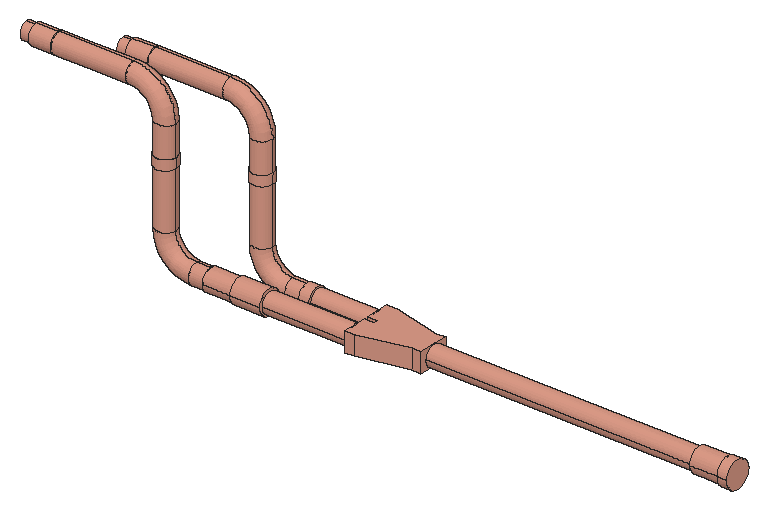
Revit family "outputfile", category 配管付属品, Revit 2024
Family settings
  丸型コネクタ寸法 = 半径を使用
  パーツ タイプ = 標準
  OmniClass 番号 = 23.65.55.00
  OmniClass タイトル = Distribution of Supplied Liquids/Gases
  作業面ベース = いいえ
  常に垂直 = はい
  ロード時にボイドで切り取り = いいえ
  共有 = いいえ
Parameters (values of type "BHFP26MA56")
  Description = ""
  製造元 = "Daikin"
  書き出し IFC クラス(タイプ) = "IfcPipeFittingType"
  Default Elevation = 0.0 mm
  定義済み IFC タイプ(タイプ) = "JUNCTION"
  Cost = 0
  モデル = "BHFP26MA56"
  Type Comments = ""
  Keynote = ""
  Type Image = (empty or 0)
  Assembly Code = ""
  table_PipeToCU_B [instance] = if(mm⇔inch, "Multi Module Kit_BHFP26MA-_Gas_PipeToCU_B", "Multi Module Kit_BHFP26MA-_Gas_PipeToCU_B_inch")  # "Multi Module Kit_BHFP26MA-_Gas_PipeToCU_B"
  table_PipeToCU_A [instance] = if(mm⇔inch, "Multi Module Kit_BHFP26MA-_Gas_PipeToCU_A", "Multi Module Kit_BHFP26MA-_Gas_PipeToCU_A_inch")  # "Multi Module Kit_BHFP26MA-_Gas_PipeToCU_A"
  table_ToMainPipe [instance] = if(mm⇔inch, "Multi Module Kit_BHFP26MA-_Gas_ToMainPipe", "Multi Module Kit_BHFP26MA-_Gas_ToMainPipe_inch")  # "Multi Module Kit_BHFP26MA-_Gas_ToMainPipe"
  switch_PipeToCU_B Reducer [instance] = if(and(Is_PipeToCU_B Reducer = 1, judge_IsOffsetPipe_ToOutdoorUnitB = 0), 1 = 1, 1 = 0)  # yes
  switch_PipeToCU_B4 [instance] = if(number_PipeToCU_B < 4, 1 = 0, 1 = 1)  # no
  switch_PipeToCU_B3 [instance] = if(number_PipeToCU_B < 3, 1 = 0, 1 = 1)  # no
  switch_PipeToCU_B2 [instance] = if(number_PipeToCU_B < 2, 1 = 0, 1 = 1)  # yes
  switch_PipeToCU_A Reducer [instance] = if(Is_PipeToCU_A Reducer = 1, 1 = 1, 1 = 0)  # yes
  switch_ToMainPipe Reducer [instance] = if(Is_ToMainPipe Reducer = 1, 1 = 1, 1 = 0)  # no
  switch_ToMainPipe2 [instance] = if(number_ToMainPipe < 2, 1 = 0, 1 = 1)  # yes
  switch_Offset Reducer(4) [instance] = if(and([judge_JointType(1or2)] = 1, Is_PipeToCU_B Reducer = 1, judge_IsOffsetPipe_ToOutdoorUnitB = 1), 1 = 1, 1 = 0)  # no
  switch_Offset Reducer(3) [instance] = if(and([judge_JointType(1or2)] = 2, Is_PipeToCU_B Reducer = 1, judge_IsOffsetPipe_ToOutdoorUnitB = 1), 1 = 1, 1 = 0)  # no
  r_PipeToCU_B_ActualDiameter [instance] = PipeToCU_B_Gas_ActualDiameter / 2  # 9.55 mm
  r_PipeToCU_A_ActualDiameter [instance] = PipeToCU_A_Gas_ActualDiameter / 2  # 9.55 mm
  r_ToMainPipe_ActualDiameter [instance] = ToMainPipe_Gas_ActualDiameter / 2  # 15.9 mm
  number_PipeToCU_B ReducerPipe [instance] = size_lookup(table_PipeToCU_B, "reducerPipeNumber", 2, モデル, judge_IsOffsetPipe_ToOutdoorUnitB, PipeToCU_B_Gas_ActualDiameter)  # 2
  number_PipeToCU_B [instance] = size_lookup(table_PipeToCU_B, "pipeNumber", 2, モデル, judge_IsOffsetPipe_ToOutdoorUnitB, PipeToCU_B_Gas_ActualDiameter)  # 2
  number_PipeToCU_A ReducerPipe [instance] = size_lookup(table_PipeToCU_A, "reducerPipeNumber", 2, モデル, PipeToCU_A_Gas_ActualDiameter)  # 2
  number_ToMainPipe [instance] = size_lookup(table_ToMainPipe, "pipeNumber", 2, モデル, ToMainPipe_Gas_ActualDiameter)  # 2
  mm⇔inch [instance] = yes
  h_PipeToCU_B Connector [instance] = if(Is_PipeToCU_B Reducer = 1, 200.0 mm, 0.0 mm)  # 200.0 mm
  h_PipeToCU_A Connector [instance] = if(Is_PipeToCU_A Reducer = 1, 200.0 mm, 0.0 mm)  # 200.0 mm
  angle_PipeToCU_B Reducer [instance] = 90.00°  # constant formula
  Unit Type = "BHFP26MA-_Gas"
  Uniclass2015Version = "Products v1.31"
  Uniclass2015Title = "Copper pipe fittings"
  Uniclass2015Code = "Pr_65_52_63_18"
  URL = ""
  ToMainPipe_Gas_Status [instance] = size_lookup(table_ToMainPipe, "Information", "The connected pipe size is not available.", モデル, ToMainPipe_Gas_ActualDiameter)  # "Default connector size is used."
  ToMainPipe_Gas_ActualDiameter [instance] = 31.8 mm
  Tag No. [instance] = ""
  Series = "Multi Module kit"
  PipeToCU_B_Gas_Status [instance] = size_lookup(table_PipeToCU_B, "Information", "The connected pipe size is not available.", モデル, judge_IsOffsetPipe_ToOutdoorUnitB, PipeToCU_B_Gas_ActualDiameter)  # "Reducer is used at connector."
  PipeToCU_B_Gas_ActualDiameter [instance] = 19.1 mm
  PipeToCU_A_Gas_Status [instance] = size_lookup(table_PipeToCU_A, "Information", "The connected pipe size is not available.", モデル, PipeToCU_A_Gas_ActualDiameter)  # "Reducer is used at connector."
  PipeToCU_A_Gas_ActualDiameter [instance] = 19.1 mm
  Material_Piping = DAIKIN_Copper_Pipe
  Material_Insulation = DAIKIN_White_Insulation
  location_PipeToCU_B connector [instance] = size_lookup(table_PipeToCU_B, "Locationconnector", 0.0 mm, モデル, judge_IsOffsetPipe_ToOutdoorUnitB, PipeToCU_B_Gas_ActualDiameter)  # 0.0 mm
  location_PipeToCU_A connector [instance] = size_lookup(table_PipeToCU_A, "Locationconnector", 0.0 mm, モデル, PipeToCU_A_Gas_ActualDiameter)  # 0.0 mm
  l_PipeToCU_B connector [instance] = size_lookup(table_PipeToCU_B, "Length", 414.0 mm, モデル, judge_IsOffsetPipe_ToOutdoorUnitB, PipeToCU_B_Gas_ActualDiameter)  # 414.0 mm
  l_PipeToCU_B Reducer [instance] = 100.0 mm  # constant formula
  l_PipeToCU_B4 [instance] = size_lookup(table_PipeToCU_B, "L_Pipe4", 10.0 mm, モデル)  # 10.0 mm
  l_PipeToCU_B3 [instance] = size_lookup(table_PipeToCU_B, "L_Pipe3", 30.0 mm, モデル)  # 30.0 mm
  l_PipeToCU_B2 [instance] = size_lookup(table_PipeToCU_B, "L_Pipe2", 36.0 mm, モデル)  # 36.0 mm
  l_PipeToCU_B1 [instance] = size_lookup(table_PipeToCU_B, "L_Pipe1", 37.5 mm, モデル)  # 37.5 mm
  l_PipeToCU_B0 [instance] = size_lookup(table_PipeToCU_B, "L_Pipe0", 108.0 mm, モデル)  # 108.0 mm
  l_PipeToCU_A connector [instance] = size_lookup(table_PipeToCU_A, "Length", 320.0 mm, モデル, PipeToCU_A_Gas_ActualDiameter)  # 320.0 mm
  l_PipeToCU_A1 [instance] = size_lookup(table_PipeToCU_A, "L_Pipe1", 13.0 mm, モデル)  # 13.0 mm
  l_PipeToCU_A0 [instance] = size_lookup(table_PipeToCU_A, "L_Pipe0", 75.0 mm, モデル)  # 75.0 mm
  l_ToMainPipe connector [instance] = size_lookup(table_ToMainPipe, "Length", 384.0 mm, モデル, ToMainPipe_Gas_ActualDiameter)  # 384.0 mm
  l_ToMainPipe Reducer [instance] = size_lookup(table_ToMainPipe, "L_Reducer", 2.0 mm, モデル, ToMainPipe_Gas_ActualDiameter)  # 2.0 mm
  l_ToMainPipe2 [instance] = size_lookup(table_ToMainPipe, "L_Pipe2", 12.0 mm, モデル)  # 12.0 mm
  l_ToMainPipe1 [instance] = size_lookup(table_ToMainPipe, "L_Pipe1", 36.0 mm, モデル)  # 36.0 mm
  l_ToMainPipe0 [instance] = size_lookup(table_ToMainPipe, "L_Pipe0", 336.0 mm, モデル)  # 336.0 mm
  judge_IsOffsetPipe_ToOutdoorUnitB [instance] = 0  # constant formula
  judge_JointType(1or2) = 2
  count_PipeToCU_B Reducer [instance] = size_lookup(table_PipeToCU_B, "reducerCount", 1, モデル, judge_IsOffsetPipe_ToOutdoorUnitB, PipeToCU_B_Gas_ActualDiameter)  # 1
  count_PipeToCU_A Reducer [instance] = size_lookup(table_PipeToCU_A, "reducerCount", 1, モデル, PipeToCU_A_Gas_ActualDiameter)  # 1
  angle_PipeToCU_A Reducer [instance] = 90.00°  # constant formula
  angle_PipeToCU_A Connector [instance] = 90.00°  # constant formula
  PipeToCU_B_Gas_AvailableDiameter [instance] = size_lookup(table_PipeToCU_B, "sizeVariation", "", モデル, judge_IsOffsetPipe_ToOutdoorUnitB)  # "19.1/22.2mm"
  PipeToCU_A_Gas_AvailableDiameter [instance] = size_lookup(table_PipeToCU_A, "sizeVariation", "", モデル)  # "19.1/22.2mm"
  ToMainPipe_Gas_AvailableDiameter [instance] = size_lookup(table_ToMainPipe, "sizeVariation", "", モデル)  # "28.6/31.8mm"
  O.D_ToMainPipe Reducer [instance] = size_lookup(table_ToMainPipe, "O.D_reducer", 2.0 mm, モデル, ToMainPipe_Gas_ActualDiameter)  # 2.0 mm
  Link_Nested Family [instance] = ""
  Is_PipeToCU_B Reducer [instance] = size_lookup(table_PipeToCU_B, "IsReducer", 1, モデル, judge_IsOffsetPipe_ToOutdoorUnitB, PipeToCU_B_Gas_ActualDiameter)  # 1
  Is_PipeToCU_A Reducer [instance] = size_lookup(table_PipeToCU_A, "IsReducer", 1, モデル, PipeToCU_A_Gas_ActualDiameter)  # 1
  Is_ToMainPipe Reducer [instance] = size_lookup(table_ToMainPipe, "IsReducer", 0, モデル, ToMainPipe_Gas_ActualDiameter)  # 0
  IfcVersion = ""
  IfcExportType = "JUNCTION"
  IfcExportAs = "IfcPipeFittingType"
  Attach_Insulation [instance] = no
  I.D_PipeToCU_B4 [instance] = size_lookup(table_PipeToCU_B, "I.D_PipeSize4", 19.1 mm, モデル)  # 19.1 mm
  I.D_PipeToCU_B3 [instance] = size_lookup(table_PipeToCU_B, "I.D_PipeSize3", 22.2 mm, モデル)  # 22.2 mm
  I.D_PipeToCU_B2 [instance] = size_lookup(table_PipeToCU_B, "I.D_PipeSize2", 25.4 mm, モデル)  # 25.4 mm
  I.D_PipeToCU_B1 [instance] = size_lookup(table_PipeToCU_B, "I.D_PipeSize1", 28.6 mm, モデル)  # 28.6 mm
  I.D_PipeToCU_B0 [instance] = size_lookup(table_PipeToCU_B, "I.D_PipeSize0", 23.4 mm, モデル)  # 23.4 mm
  I.D_PipeToCU_A1 [instance] = 25.4 mm  # constant formula
  I.D_PipeToCU_A0 [instance] = 22.2 mm  # constant formula
  I.D_ToMainPipe Reducer [instance] = size_lookup(table_ToMainPipe, "I.D_reducer", 2.0 mm, モデル, ToMainPipe_Gas_ActualDiameter)  # 2.0 mm
  I.D_ToMainPipe2 [instance] = size_lookup(table_ToMainPipe, "I.D_PipeSize2", 31.8 mm, モデル)  # 31.8 mm
  I.D_ToMainPipe1 [instance] = size_lookup(table_ToMainPipe, "I.D_PipeSize1", 28.6 mm, モデル)  # 28.6 mm
  I.D_ToMainPipe0 [instance] = size_lookup(table_ToMainPipe, "I.D_PipeSize0", 23.4 mm, モデル)  # 23.4 mm
Reference planes
  plane 1 "Center (Front/Back)": y = 0
  plane 2: z = 0
  plane 3 "Center (Left/Right)": x = 225.65
  plane 4: x = 213.65
  plane 5: x = 177.65
  plane 6: x = -158.35
  plane 7: x = -243.35
  plane 8: x = -331.35
  plane 9: x = -351.35
  plane 10: x = -388.85
  plane 11: x = -424.85
  plane 12: x = -454.85
  plane 13: x = -464.85
  plane 14: y = 17.5
  plane 15: y = -17.491
  plane 16: x = -318.35
  plane 17: x = -108.35
  plane 18 "ToMainPipe_connector": x = 225.65
  plane 19 "connector_OutdoorunitA": x = -243.35
  plane 20 "connectorLocation_TooutdoorUnitB": y = -17.491
  plane 21 "connector_ToOutdoorUnitB": x = -657.35
Forms (mm)
  Extrusion 1, solid, material "DAIKIN_Copper_Pipe" <- "Material_Piping"
    sketch origin (0, 0, 0) x (1, 0, 0) y (0, 1, 0)
      loop
        line (-243.35, 1.998) -> (-231.35, 1.998) -> (-231.35, -1.998) -> (-243.35, -1.998) -> (-243.35, -33.29) -> (-231.35, -33.29) -> (-170.35, -19.109) -> (-158.35, -19.109) -> (-158.35, 18.821) -> (-170.35, 18.821) -> (-231.35, 33.29) -> (-243.35, 33.29) -> (-243.35, 1.998)
    from -12.2 to 12.2
Dimensions and locks
  locked: Extrusion 1 sketch curve to Extrusion 1 sketch curve at 37.93
  locked: Extrusion 1 sketch curve to Extrusion 1 sketch curve at 66.58
  locked: plane 6 to plane 17 at 50
  "l_PipeToCU_A0": plane 16 to plane 7
  "l_PipeToCU_A1": plane 8 to plane 16
  "l_PipeToCU_B0": plane 9 to plane 7
  "l_PipeToCU_B1": plane 10 to plane 9
  "l_PipeToCU_B2": plane 11 to plane 10
  "l_PipeToCU_B3": plane 12 to plane 11
  "l_PipeToCU_B4": plane 13 to plane 12
  locked: plane 7 to plane 6 at 85
  plane 17 to plane 5 = 286.0 mm
  "l_ToMainPipe1": plane 5 to plane 4
  "l_ToMainPipe2": plane 4 to plane 3 "Center (Left/Right)"
  "l_ToMainPipe0": plane 6 to plane 5
  "l_ToMainPipe connector": plane 6 to plane 18 "ToMainPipe_connector"
  "location_PipeToCU_A connector": plane 19 "connector_OutdoorunitA" to plane 7
  "l_PipeToCU_B connector": plane 21 "connector_ToOutdoorUnitB" to plane 7
  "location_PipeToCU_B connector": plane 20 "connectorLocation_TooutdoorUnitB" to plane 15
  plane 14 to plane 1 "Center (Front/Back)" to plane 15 = 17.5 mm locked, 17.491 mm locked
  plane 21 "connector_ToOutdoorUnitB" to plane 18 "ToMainPipe_connector" = 883.0 mm
  aligned and locked: level to plane 2
  aligned and locked: plane 2 to nested 1
  aligned and locked: plane 1 "Center (Front/Back)" to nested 1
  aligned and locked: plane 3 "Center (Left/Right)" to nested 1
  aligned and locked: plane 4 to nested 1
  aligned and locked: plane 4 to nested 2
  aligned and locked: plane 5 to nested 2
  aligned and locked: plane 5 to nested 3
  aligned and locked: plane 6 to nested 3
  aligned and locked: plane 6 to Extrusion 1
  aligned and locked: Extrusion 1 to plane 7  (x2)
  aligned and locked: plane 7 to nested 4
  aligned and locked: plane 8 to nested 5
  aligned and locked: plane 16 to nested 5
  aligned and locked: nested 5 to plane 14
  aligned and locked: nested 6 to plane 15
  aligned and locked: plane 7 to nested 6
  aligned and locked: plane 9 to nested 6
  aligned and locked: plane 10 to nested 7
  aligned and locked: plane 9 to nested 7
  aligned and locked: plane 11 to nested 8
  aligned and locked: plane 10 to nested 8
  aligned and locked: plane 12 to nested 9
  aligned and locked: plane 11 to nested 9
  aligned and locked: plane 13 to nested 10
  aligned and locked: plane 12 to nested 10
  aligned and locked: nested 10 to plane 15
  aligned and locked: nested 9 to plane 15
  aligned and locked: nested 8 to plane 15
  aligned and locked: nested 7 to plane 15
  aligned and locked: plane 1 "Center (Front/Back)" to nested 11
  aligned and locked: plane 17 to nested 11
  aligned and locked: plane 16 to nested 4
  aligned and locked: nested 12 to plane 14
  aligned and locked: plane 8 to nested 12
  aligned and locked: plane 1 "Center (Front/Back)" to nested 13
  aligned and locked: plane 18 "ToMainPipe_connector" to nested 13
  aligned and locked: plane 6 to nested 14
  aligned and locked: plane 1 "Center (Front/Back)" to nested 3
  aligned and locked: plane 14 to nested 15
  aligned and locked: nested 15 to plane 19 "connector_OutdoorunitA"
  aligned and locked: nested 16 to plane 20 "connectorLocation_TooutdoorUnitB"
  aligned and locked: nested 16 to plane 7
  aligned and locked: plane 11 to nested 17
  aligned and locked: nested 16 to plane 15
Automatic sketch dimensions
  Extrusion 1 sketch curve to plane 7 = 0.0 mm  (x2)
  Extrusion 1 sketch curve to plane 6 = 0.0 mm
  Extrusion 1 sketch curve to Extrusion 1 sketch curve = 12.0 mm  (x3)
  Extrusion 1 sketch curve to plane 1 "Center (Front/Back)" = 1.998 mm
  plane 14 to Extrusion 1 sketch curve = 1.321 mm
  Extrusion 1 sketch curve to plane 6 = 12.0 mm  (x2)
  Extrusion 1 sketch curve to plane 15 = 15.799 mm
  plane 1 "Center (Front/Back)" to Extrusion 1 sketch curve = 1.998 mm
Nested families
  nested 1: "daikin_Pipe" at (219.65, 0, 0), I.D_Pipe <- "I.D_ToMainPipe2", display <- "switch_ToMainPipe2", type "*"
    with length_Pipe 12.0 mm, display yes, O.D_Pipe 33.8 mm, I.D_Pipe 31.8 mm
  nested 2: "daikin_Pipe" at (195.65, 0, 0), I.D_Pipe <- "I.D_ToMainPipe1", type "*"
    with length_Pipe 36.0 mm, display yes, O.D_Pipe 30.6 mm, I.D_Pipe 28.6 mm
  nested 3: "daikin_Pipe" at (9.65, 0, 0), I.D_Pipe <- "I.D_ToMainPipe0", type "*"
    with length_Pipe 336.0 mm, display yes, O.D_Pipe 25.4 mm, I.D_Pipe 23.4 mm
  nested 4: "daikin_Pipe" at (-280.85, 17.644, 0), I.D_Pipe <- "I.D_PipeToCU_A0", type "*"
    with length_Pipe 75.0 mm, display yes, O.D_Pipe 24.2 mm, I.D_Pipe 22.2 mm
  nested 5: "daikin_Pipe" at (-324.85, 17.5, 0), I.D_Pipe <- "I.D_PipeToCU_A1", type "*"
    with length_Pipe 13.0 mm, display yes, O.D_Pipe 27.4 mm, I.D_Pipe 25.4 mm
  nested 6: "daikin_Pipe" at (-297.35, -17.491, 0), I.D_Pipe <- "I.D_PipeToCU_B0", type "*"
    with length_Pipe 108.0 mm, display yes, O.D_Pipe 25.4 mm, I.D_Pipe 23.4 mm
  nested 7: "daikin_Pipe" at (-370.1, -17.491, 0), I.D_Pipe <- "I.D_PipeToCU_B1", type "*"
    with length_Pipe 37.5 mm, display yes, O.D_Pipe 30.6 mm, I.D_Pipe 28.6 mm
  nested 8: "daikin_Pipe" at (-406.85, -17.491, 0), I.D_Pipe <- "I.D_PipeToCU_B2", display <- "switch_PipeToCU_B2", type "*"
    with length_Pipe 36.0 mm, display yes, O.D_Pipe 27.4 mm, I.D_Pipe 25.4 mm
  nested 9: "daikin_Pipe" at (-439.85, -17.491, 0), display <- "switch_PipeToCU_B3", I.D_Pipe <- "I.D_PipeToCU_B3", visible <- "switch_PipeToCU_B3", type "*"
    with length_Pipe 30.0 mm, display no, O.D_Pipe 24.2 mm, I.D_Pipe 22.2 mm
  nested 10: "daikin_Pipe" at (-459.85, -17.491, 0), display <- "switch_PipeToCU_B4", I.D_Pipe <- "I.D_PipeToCU_B4", visible <- "switch_PipeToCU_B4", type "*"
    with length_Pipe 10.0 mm, display no, O.D_Pipe 21.1 mm, I.D_Pipe 19.1 mm
  nested 11: "daikin_MultiModeluKit_Insulation" at (-108.35, 0, 0), display <- "Attach_Insulation", type "*"
    with h 54.2 mm, display no, I.D_Outlet PipeSize 22.2 mm
  nested 12: "daikin_Multi Module kit_Reducer90_rotate" at (-331.35, 17.5, 0), number_reducerPipe <- "number_PipeToCU_A ReducerPipe", angle_Pipe <- "angle_PipeToCU_A Reducer", visible <- "switch_PipeToCU_A Reducer", type "PipeToCU_A"
    with number_reducerPipe 2, angle_Pipe 90.00°, I.D_connector 19.1 mm
  nested 13: "daikin_Pipe_reducer" at (224.65, 0, 0), I.D_Pipe1 <- "I.D_ToMainPipe Reducer", O.D_Pipe2 <- "O.D_ToMainPipe Reducer", length_Pipe <- "l_ToMainPipe Reducer", display <- "switch_ToMainPipe Reducer", type "*"
    with length_Pipe 2.0 mm, display no, O.D_Pipe2 2.0 mm, O.D_Pipe1 4.0 mm, I.D_Pipe2 0.0 mm, I.D_Pipe1 2.0 mm
  nested 14: "daikin_connector_rotate3" at (-158.35, 0, 0) x (0, 1, 0) z (0, 0, 1), length <- "l_ToMainPipe connector", type "daikin_connector_rotate3"
    with radius 10.0 mm, length 384.0 mm, angle_vertical 90.00°, angle_horizontal 0.00°
  nested 15: "daikin_connector_rotate3" at (-243.35, 17.5, 200) x (-1, 0, 0) z (0, 0, 1), length <- "l_PipeToCU_A connector", angle_vertical <- "angle_PipeToCU_A Connector", built-in parameter 1001364 <- "h_PipeToCU_A Connector", type "daikin_connector_rotate3"
    with radius 10.0 mm, length 320.0 mm, angle_vertical 90.00°, angle_horizontal 90.00°
  nested 16: "daikin_connector_rotate3" at (-243.35, -17.491, 200) x (0, -1, 0) z (0, 0, 1), length <- "l_PipeToCU_B connector", built-in parameter 1001364 <- "h_PipeToCU_B Connector", type "daikin_connector_rotate3"
    with radius 10.0 mm, length 414.0 mm, angle_vertical 90.00°, angle_horizontal 0.00°
  nested 17: "daikin_Multi Module kit_Reducer90_rotate" at (-424.85, -17.491, 0), number_reducerPipe <- "number_PipeToCU_B ReducerPipe", angle_Pipe <- "angle_PipeToCU_B Reducer", visible <- "switch_PipeToCU_B Reducer", type "PipeToCU_B"
    with number_reducerPipe 2, angle_Pipe 90.00°, I.D_connector 34.9 mm, l_Pipe0 57.5 mm
Connectors
  piping at (225.65, 0, 0), diameter 31.8, driven by "r_ToMainPipe_ActualDiameter"
    settings: on nested 14, index 1, connector inside diameter 609.6 mm, connector length 0.0 mm, flow factor 0, pipe flow 0.00 m³/h, pressure drop 0.0 Pa, fitting loss kfactor 0, connector angle 0.00°, fixture units 0, engagement length 0.0 mm, angle of deflection 0.00°, flow configuration 0, flow direction 1, fitting loss method 0, system type 29, joint type 0, gender type 0, connector reference index -1, connector utility 0, adjustable connector no, is connector primary yes, connector description "Multi Module kit_to Main Pipe_Gas"
  piping at (-563.35, 17.5, 200), diameter 19.1, driven by "r_PipeToCU_A_ActualDiameter"
    settings: on nested 15, index 2, connector inside diameter 609.6 mm, connector length 0.0 mm, flow factor 0, pipe flow 0.00 m³/h, pressure drop 0.0 Pa, fitting loss kfactor 0, connector angle 0.00°, fixture units 0, engagement length 0.0 mm, angle of deflection 0.00°, flow configuration 0, flow direction 2, fitting loss method 0, system type 29, joint type 0, gender type 0, connector reference index -1, connector utility 0, adjustable connector no, is connector primary no, connector description "Multi Module kit_Piping to CU-A_Gas"
  piping at (-657.35, -17.491, 200), diameter 19.1, driven by "r_PipeToCU_B_ActualDiameter"
    settings: on nested 16, index 3, connector inside diameter 609.6 mm, connector length 0.0 mm, flow factor 0, pipe flow 0.00 m³/h, pressure drop 0.0 Pa, fitting loss kfactor 0, connector angle 0.00°, fixture units 0, engagement length 0.0 mm, angle of deflection 0.00°, flow configuration 0, flow direction 2, fitting loss method 0, system type 29, joint type 0, gender type 0, connector reference index -1, connector utility 0, adjustable connector no, is connector primary no, connector description "Multi Module kit_Piping to CU-B_Gas"
Definition of nested family "daikin_Pipe"
  Parameters (values of type "*")
    Default Elevation = 0.0 mm
    material = none
    length_Pipe [instance] = 150.0 mm
    display [instance] = yes
    O.D_Pipe [instance] = I.D_Pipe + 2.0 mm  # 27.0 mm
    I.D_Pipe [instance] = 25.0 mm
  Reference planes
    plane 1 "Center (Front/Back)": y = 0
    plane 2 "center(vertical)": z = 0
    plane 3 "Center (Left/Right)": x = 0
    plane 4 "left": x = -75
    plane 5 "right": x = 75
  Forms (mm)
    Extrusion 1, solid, material <- "material", visible <- "display"
      sketch origin (0, 0, 0) x (0, 1, 0) y (0, 0, 1)
        loop
          circle (0, 0) r 13.5
      from -75 to 75
  Dimensions and locks
    equal spacing: plane 4 "left", plane 3 "Center (Left/Right)", plane 5 "right"
    "length_Pipe": plane 4 "left" to plane 5 "right"
    "O.D_Pipe": diameter of Extrusion 1 sketch curve
    aligned and locked: level to plane 2 "center(vertical)"
    aligned and locked: plane 2 "center(vertical)" to Extrusion 1 sketch curve
    aligned and locked: plane 1 "Center (Front/Back)" to Extrusion 1 sketch curve
    aligned and locked: plane 5 "right" to Extrusion 1
    aligned and locked: Extrusion 1 to plane 4 "left"
Definition of nested family "daikin_Multi Module kit_Reducer90_rotate"
  Parameters (values of type "PipeToCU_A")
    Default Elevation = 0.0 mm
    number_reducerPipe [instance] = 4
    material_Pipe = none
    l_Pipe0 = 57.0 mm
    angle_Pipe [instance] = 30.00°
    I.D_connector [instance] = 34.9 mm
  Types (2, lengths in mm): name | l_Pipe0
    PipeToCU_A | 57.0
    PipeToCU_B | 55.0
  Reference planes
    plane 1 "Center (Front/Back)": y = 0
    plane 2: z = 0
    plane 3 "Center (Left/Right)": x = 0
  Dimensions and locks
    "angle_Pipe": angle plane 2 to nested 1
    aligned and locked: level to plane 2
  Nested families
    nested 1: "daikin_Multi Module kit_Reducer90" at (0, 0, 0) x (1, 0, 0) z (0, -0.5, 0.866), I.D_connector <- "I.D_connector", ReducerPipe <- "number_reducerPipe", l_Pipe0 <- "l_Pipe0", type "*"
      with l_Pipe0 57.0 mm, display_Pipe4 no, display_Pipe3 no, ReducerPipe 4, I.D_connector 34.9 mm
  Definition of nested family "daikin_Multi Module kit_Reducer90"
    Parameters (values of type "*")
      Default Elevation = 0.0 mm
      material_Pipe = none
      l_Pipe0 [instance] = 57.0 mm
      display_Pipe4 [instance] = ReducerPipe = 2  # no
      display_Pipe3 [instance] = or(ReducerPipe = 1, ReducerPipe = 2)  # no
      ReducerPipe [instance] = 0
      O.D_Pipe4 = 19.1 mm + 2.0 mm  # 21.1 mm
      O.D_Pipe3 = 24.9 mm  # constant formula
      O.D_Pipe2 = 25.4 mm  # constant formula
      O.D_Pipe1 = 27.4 mm  # constant formula
      O.D_Pipe0 = 25.4 mm  # constant formula
      I.D_connector [instance] = 0.0 mm
    Reference planes
      plane 1 "Center (Front/Back)": y = 0
      plane 2 "center_vertical": z = 0
      plane 3 "Center (Left/Right)": x = 0
      plane 4 "center_toOutdoor": x = -57
      plane 5: y = 110
      plane 6: y = 122
      plane 7: y = 200
      plane 8: x = -192
      plane 9: x = -220
      plane 10: x = -232
    Forms (mm)
      Sweep 1, solid, material <- "material_Pipe"
        path origin (0, 0, 0) x (1, 0, 0) y (0, 1, 0)
          loop
            line (0, 0) -> (-18.241, 0)
            arc (-18.241, 0) -> (-45.648, 11.352) -> (-57, 38.759) r 38.759
            line (-57, 38.759) -> (-57, 110)
        profile origin (-9.12, 0, 0) x (0, -1, 0) y (0, 0, 1)
          loop
            circle (0, 0) r 12.7
      Extrusion 2, solid, material <- "material_Pipe"
        sketch origin (0, 0, 0) x (1, 0, 0) y (0, 0, 1)
          loop
            circle (-57, 0) r 13.7
        from -122 to -110
      Sweep 3, solid, material <- "material_Pipe"
        path origin (0, 0, 0) x (1, 0, 0) y (0, 1, 0)
          loop
            line (-57, 122) -> (-57, 160)
            arc (-57, 160) -> (-68.716, 188.284) -> (-97, 200) r 40
            line (-97, 200) -> (-192, 200)
        profile origin (-57, 141, 0) x (-1, 0, 0) y (0, 0, 1)
          loop
            circle (0, 0) r 12.7
      Extrusion 4, solid, material <- "material_Pipe", visible <- "display_Pipe3"
        sketch origin (0, 0, 0) x (0, 1, 0) y (0, 0, 1)
          loop
            circle (200, 0) r 12.45
        from -220 to -192
      Extrusion 5, solid, material <- "material_Pipe", visible <- "display_Pipe4"
        sketch origin (0, -10.14, 0) x (0, 1, 0) y (0, 0, 1)
          loop
            circle (210.14, 0) r 10.55
        from -232 to -220
    Lines and regions (mm)
      reference lines
        curve 1: line (0, 0, 0) -> (-57, 0, 0)
    Dimensions and locks
      locked: plane 1 "Center (Front/Back)" to plane 5 at 110
      locked: plane 6 to plane 5 at 12
      "l_Pipe0": plane 4 "center_toOutdoor" to plane 3 "Center (Left/Right)"
      plane 1 "Center (Front/Back)" to plane 7 = 200.0 mm
      locked: plane 8 to plane 4 "center_toOutdoor" at 135
      locked: plane 9 to plane 8 at 28
      locked: plane 10 to plane 9 at 12
      plane 10 to plane 3 "Center (Left/Right)" = 232.0 mm
      "O.D_Pipe0": diameter of Sweep 1 sketch curve
      "O.D_Pipe1": diameter of Extrusion 2 sketch curve
      "O.D_Pipe2": diameter of Sweep 3 sketch curve
      "O.D_Pipe3": diameter of Extrusion 4 sketch curve
      "O.D_Pipe4": diameter of Extrusion 5 sketch curve
      aligned and locked: level to plane 2 "center_vertical"
      aligned and locked: plane 6 to Extrusion 2
      aligned and locked: Extrusion 2 to plane 5
      aligned and locked: Sweep 1 sketch curve to plane 1 "Center (Front/Back)"
      aligned and locked: plane 3 "Center (Left/Right)" to curve 1
      aligned and locked: curve 1 to plane 1 "Center (Front/Back)"
      aligned and locked: plane 4 "center_toOutdoor" to Sweep 3 sketch curve
      aligned and locked: plane 2 "center_vertical" to Sweep 3 sketch curve
      aligned and locked: plane 2 "center_vertical" to Extrusion 4 sketch curve
      aligned and locked: plane 7 to Extrusion 4 sketch curve
      aligned and locked: Extrusion 4 to plane 9
      aligned and locked: plane 8 to Extrusion 4
      aligned and locked: Extrusion 5 to plane 10
      aligned and locked: plane 9 to Extrusion 5
      aligned and locked: plane 7 to Extrusion 5 sketch curve
      aligned and locked: plane 2 "center_vertical" to Extrusion 5 sketch curve
    Automatic sketch dimensions
      Sweep 1 sketch curve to plane 4 "center_toOutdoor" = 0.0 mm
      Sweep 1 sketch curve to plane 3 "Center (Left/Right)" = 0.0 mm
      Sweep 1 sketch curve to plane 5 = 0.0 mm
      Sweep 1 sketch curve to plane 3 "Center (Left/Right)" = 18.241 mm
      curve 1 to plane 4 "center_toOutdoor" = 0.0 mm
      Sweep 3 sketch curve to plane 7 = 0.0 mm
      Sweep 3 sketch curve to plane 8 = 0.0 mm
      Sweep 3 sketch curve to plane 4 "center_toOutdoor" = 0.0 mm
      Sweep 3 sketch curve to plane 6 = 0.0 mm
      Sweep 3 sketch curve to plane 4 "center_toOutdoor" = 40.0 mm
      Sweep 1 sketch curve to level = 0.0 mm
      Sweep 1 sketch curve to profile plane = 0.0 mm
      Extrusion 2 sketch curve to level = 0.0 mm
      Extrusion 2 sketch curve to plane 4 "center_toOutdoor" = 0.0 mm
Definition of nested family "daikin_MultiModeluKit_Insulation"
  Parameters (values of type "*")
    Default Elevation = 0.0 mm
    Model = ""
    material = none
    h [instance] = (I.D_Outlet PipeSize + 2.0 mm) + 30.0 mm  # 47.0 mm
    display [instance] = yes
    I.D_Outlet PipeSize [instance] = 15.0 mm
  Reference planes
    plane 1 "Center (Front/Back)": y = 0
    plane 2: z = 0
    plane 3 "Left": x = 0
    plane 4 "top": z = 23.5
    plane 5 "bottom": z = -23.5
  Forms (mm)
    Extrusion 1, solid, material <- "material", visible <- "display"
      sketch origin (0, 0, 0) x (1, 0, 0) y (0, 1, 0)
        loop
          line (0, -27.7) -> (0, 27.7) -> (-123, 45.79) -> (-206, 45.79) -> (-206, 7.021) -> (-269.393, 10) -> (-321, 10) -> (-321, -45.79) -> (-123, -45.79) -> (0, -27.7)
      from -23.5 to 23.5
  Dimensions and locks
    equal spacing: plane 4 "top", plane 2, plane 5 "bottom"
    "h": plane 4 "top" to plane 5 "bottom"
    aligned and locked: level to plane 2
    aligned and locked: plane 3 "Left" to Extrusion 1
    aligned and locked: Extrusion 1 to plane 5 "bottom"
    aligned and locked: plane 4 "top" to Extrusion 1
  Automatic sketch dimensions
    Extrusion 1 sketch curve to plane 3 "Left" = 0.0 mm
    Extrusion 1 sketch curve to plane 1 "Center (Front/Back)" = 45.79 mm
    Extrusion 1 sketch curve to plane 3 "Left" = 123.0 mm
    Extrusion 1 sketch curve to Extrusion 1 sketch curve = 83.0 mm
    Extrusion 1 sketch curve to plane 1 "Center (Front/Back)" = 10.0 mm
    Extrusion 1 sketch curve to Extrusion 1 sketch curve = 63.393 mm
    Extrusion 1 sketch curve to Extrusion 1 sketch curve = 51.607 mm
    Extrusion 1 sketch curve to plane 1 "Center (Front/Back)" = 7.021 mm
    plane 1 "Center (Front/Back)" to Extrusion 1 sketch curve = 45.79 mm
    Extrusion 1 sketch curve to plane 1 "Center (Front/Back)" = 27.7 mm
    Extrusion 1 sketch curve to Extrusion 1 sketch curve = 0.0 mm
    plane 1 "Center (Front/Back)" to Extrusion 1 sketch curve = 27.7 mm
Definition of nested family "daikin_Pipe_reducer"
  Parameters (values of type "*")
    Default Elevation = 0.0 mm
    material = none
    length_Pipe [instance] = 250.0 mm
    display [instance] = yes
    O.D_Pipe2 [instance] = 19.1 mm
    O.D_Pipe1 [instance] = I.D_Pipe1 + 2.0 mm  # 24.2 mm
    I.D_Pipe2 [instance] = O.D_Pipe2 - 2.0 mm  # 17.1 mm
    I.D_Pipe1 [instance] = 22.2 mm
  Reference planes
    plane 1 "Center (Front/Back)": y = 0
    plane 2 "center(vertical)": z = 0
    plane 3 "Center (Left/Right)": x = 0
    plane 4 "connection": x = -125
    plane 5 "right": x = 113
    plane 6: x = 125
  Forms (mm)
    Extrusion 1, solid, material <- "material", visible <- "display"
      sketch origin (0, 0, 0) x (0, 1, 0) y (0, 0, 1)
        loop
          circle (0, 0) r 9.55
      from -125 to 113
    Extrusion 2, solid, material <- "material", visible <- "display"
      sketch origin (0, 0, 0) x (0, 1, 0) y (0, 0, 1)
        loop
          circle (0, 0) r 12.1
      from 113 to 125
  Dimensions and locks
    locked: plane 5 "right" to plane 6 at 12
    "length_Pipe": plane 4 "connection" to plane 6
    equal spacing: plane 4 "connection", plane 3 "Center (Left/Right)", plane 6
    "O.D_Pipe2": diameter of Extrusion 1 sketch curve
    "O.D_Pipe1": diameter of Extrusion 2 sketch curve
    aligned and locked: level to plane 2 "center(vertical)"
    aligned and locked: plane 2 "center(vertical)" to Extrusion 1 sketch curve
    aligned and locked: plane 1 "Center (Front/Back)" to Extrusion 1 sketch curve
    aligned and locked: plane 5 "right" to Extrusion 1
    aligned and locked: Extrusion 1 to plane 4 "connection"
    aligned and locked: plane 2 "center(vertical)" to Extrusion 2 sketch curve
    aligned and locked: plane 1 "Center (Front/Back)" to Extrusion 2 sketch curve
    aligned and locked: Extrusion 2 to plane 5 "right"
    aligned and locked: plane 6 to Extrusion 2
Definition of nested family "daikin_connector_rotate3"
  Parameters (values of type "daikin_connector_rotate3")
    Default Elevation = 1219.2 mm
    show_face = no
    show_circle = no
    radius [instance] = 10.0 mm
    length [instance] = 600.0 mm
    angle_horizontal [instance] = 60.00°
    angle_vertical [instance] = 90.00°
  Reference planes
    plane 1 "Center (Front/Back)": y = 0
    plane 2: z = 0
    plane 3 "Center (Left/Right)": x = 0
  Dimensions and locks
    "angle_horizontal": angle plane 3 "Center (Left/Right)" to nested 1
    aligned and locked: level to plane 2
    aligned and locked: plane 1 "Center (Front/Back)" to nested 1  (x2)
    aligned and locked: plane 3 "Center (Left/Right)" to nested 1
  Nested families
    nested 1: "daikin_connector_rotate2" at (0, 0, 0) x (0.5, 0.866, 0) z (0, 0, 1), angle_vertical <- "angle_vertical", length <- "length", radius <- "radius", type "daikin_connector_rotate2"
      with radius 10.0 mm, length 600.0 mm, angle_vertical 90.00°, Default Elevation 0.0 mm, show_circle no
  Definition of nested family "daikin_connector_rotate2"
    Parameters (values of type "daikin_connector_rotate2")
      Default Elevation = 1219.2 mm
      show_face = no
      show_circle = yes
      radius [instance] = 10.0 mm
      length [instance] = 600.0 mm
      d_surface = 10.0 mm
      angle_vertical [instance] = 90.00°
    Reference planes
      plane 1 "Center (Front/Back)": y = 0
      plane 2: z = 0
      plane 3 "Center (Left/Right)": x = 0
    Forms (mm)
      Extrusion 1, solid, visible <- "show_face"
        sketch origin (0, -600, 0) x (1, 0, 0) y (0, 0, 1)
          loop
            circle (0, 0) r 10
        from 0 to -10
    Lines and regions (mm)
      reference lines
        curve 1: line (0, 0, 0) -> (0, -600, 0)
      symbolic lines, visible <- "show_circle"
        curve 2: circle (0, 0, 0) r 5 normal (0, 0, 1)
      model lines, visible <- "show_face"
        curve 3: line (0, 0, 0) -> (0, -600, 0)
    Dimensions and locks
      "length": curve 1 to curve 1
      "length": curve 3 to curve 3
      "d_surface": Extrusion 1 to Extrusion 1
      "radius": radius of Extrusion 1 sketch curve
      "angle_vertical": angle curve 1 to plane 1 "Center (Front/Back)"
      "angle_vertical": angle curve 3 to plane 1 "Center (Front/Back)"
      aligned and locked: level to plane 2
      aligned and locked: plane 1 "Center (Front/Back)" to curve 1
      aligned and locked: plane 2 to curve 1
      aligned and locked: plane 1 "Center (Front/Back)" to curve 2
      aligned and locked: plane 3 "Center (Left/Right)" to curve 2
      aligned and locked: plane 1 "Center (Front/Back)" to curve 3
      aligned and locked: plane 2 to curve 3
      aligned and locked: Extrusion 1 to Extrusion 1
    Automatic sketch dimensions
      Extrusion 1 sketch curve to level = 0.0 mm
      Extrusion 1 sketch curve to plane 3 "Center (Left/Right)" = 0.0 mm
      radius of curve 2 = 5.0 mm
